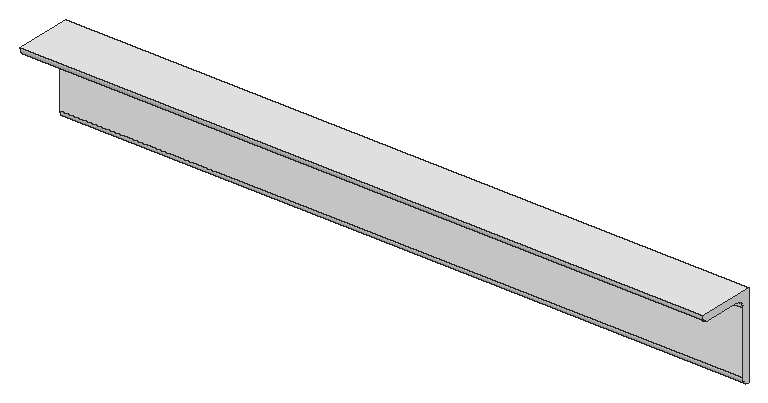
Revit family "Steel Framing_L-KSD3502", category Structural Framing, Revit 2023
Family settings
  Structural Framing Length Roundoff = 0 mm
  Section Shape = Not Defined
  Material for Model Behavior = Steel
  Always export as geometry = No
  OmniClass Number = 23.25.30.11.14.14
  OmniClass Title = Beams
  Always vertical = Yes
  Cut with Voids When Loaded = No
  Symbolic Representation = From Project Settings
  Shared = No
  Show family pre-cut in plan views = Yes
Parameters (values of type "L152X102X12.7")
  k = 25 mm
  Structural Material [instance] = Steel, 45-345
  Perimeter = 0
  Nominal Weight = 0.00 kgf/m
  Length [instance] = 1524 mm
  b = 102 mm
  d = 152 mm
  t = 13 mm
  x = 25 mm
  y = 51 mm
  A = 0.09 m²
Reference planes
  plane 1 "Center (Front/Back)": y = 0
  plane 2: z = 0
  plane 3 "Center (Left/Right)": x = 4.61
  plane 4 "Member Left": x = -604.99
  plane 5 "Member Right": x = 614.21
  plane 6: y = 25
  plane 7: y = -77
  plane 8 "Top": z = 51
  plane 9: z = -101
  plane 10 "Left": x = -757.39
  plane 11 "Right": x = 766.61
Forms (mm)
  Sweep 1, solid, material "Steel, 45-345" <- "Structural Material", detail levels medium
    path origin (0, 0, 0) x (1, 0, 0) y (0, 1, 0)
      loop
        line (614.21, 0) -> (-604.99, 0)
    profile "M_L-Angle-Profile-Medium : M_L-Angle-Profile-Medium" origin (4.61, 0, 0) x (0, -1, 0) y (0, 0, 1)
      loop
        line (-25, -101) -> (-12, -101) -> (-12, 38) -> (77, 38) -> (77, 51) -> (-25, 51) -> (-25, -101)
  Sweep 2, solid, material "Steel, 45-345" <- "Structural Material", detail levels fine
    path origin (0, 0, 0) x (1, 0, 0) y (0, 1, 0)
      loop
        line (614.21, 0) -> (-604.99, 0)
    profile "M_L-Angle-Profile-Fine : M_L-Angle-Profile-Fine" origin (4.61, 0, 0) x (0, -1, 0) y (0, 0, 1)
      loop
        arc (-25, -101) -> (-15.808, -97.192) -> (-12, -88) r 13
        line (-12, -88) -> (-12, 25)
        arc (-12, 25) -> (-8.192, 34.192) -> (1, 38) r 13
        line (1, 38) -> (64, 38)
        arc (64, 38) -> (73.192, 41.808) -> (77, 51) r 13
        line (77, 51) -> (-25, 51) -> (-25, -101)
Lines and regions (mm)
  symbolic lines, style "Hidden Faces", detail levels medium+fine
    curve 1: line (-604.99, 0, 38) -> (614.21, 0, 38)
    curve 2: line (-604.99, 12, 0) -> (614.21, 12, 0)
  symbolic lines, style "Stick Symbols", detail levels coarse
    curve 3: line (4.61, 25, 51) -> (4.61, -77, 51)
    curve 4: line (4.61, 25, -101) -> (4.61, 25, 51)
Dimensions and locks
  "b": plane 6 to plane 7
  "d": plane 9 to plane 8 "Top"
  "x": plane 6 to plane 1 "Center (Front/Back)"
  "y": plane 8 "Top" to plane 2
  "Length": plane 10 "Left" to plane 11 "Right"
  "t": plane 6 to curve 2
  aligned and locked: Sweep 1 sketch curve to plane 1 "Center (Front/Back)"
  aligned and locked: Sweep 2 sketch curve to plane 1 "Center (Front/Back)"
  aligned and locked: Sweep 1 to curve 3
  aligned and locked: curve 4 to Sweep 1
  aligned and locked: curve 3 to Sweep 2
  aligned and locked: curve 4 to Sweep 2
  aligned and locked: plane 4 "Member Left" to Sweep 1 sketch curve
  aligned and locked: plane 5 "Member Right" to Sweep 1 sketch curve
  aligned and locked: plane 4 "Member Left" to Sweep 2 sketch curve
  aligned and locked: plane 5 "Member Right" to Sweep 2 sketch curve
  aligned and locked: plane 4 "Member Left" to curve 2
  aligned and locked: plane 5 "Member Right" to curve 2
  aligned and locked: plane 4 "Member Left" to curve 1
  aligned and locked: plane 5 "Member Right" to curve 1
Automatic sketch dimensions
  plane 8 "Top" to curve 1 = 13 mm
